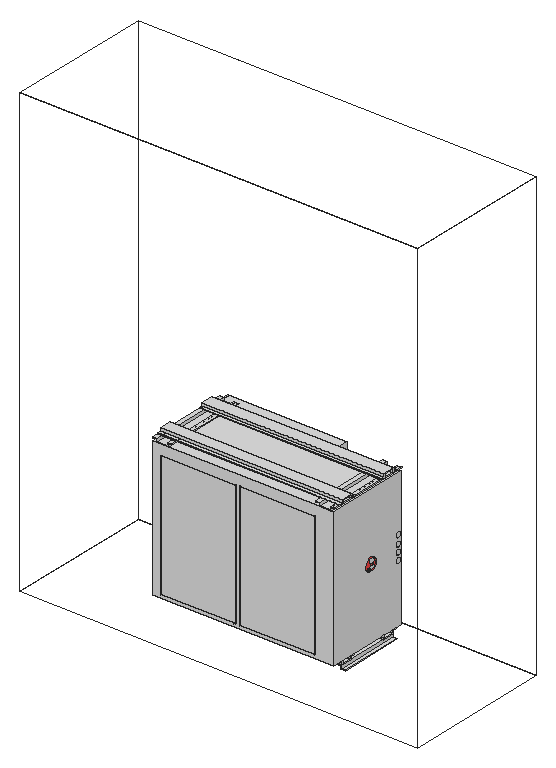
Revit family "HeatPump_AirToWater_Rheem_15kW_Horizontal_LowGWP", category Mechanical Equipment, Revit 2021 (continued)
Definition of nested family "z_Rheem_Logo"
  Automatic sketch dimensions
    Masking region 1 sketch curve to Masking region 1 sketch curve = 4.306 mm
    Masking region 1 sketch curve to plane 1 "Center (Front/Back)" = 5.275 mm
    Masking region 1 sketch curve to Masking region 1 sketch curve = 3.182 mm
    Masking region 1 sketch curve to Masking region 1 sketch curve = 0.011 mm
    Masking region 1 sketch curve to plane 1 "Center (Front/Back)" = 1.6 mm
    Masking region 1 sketch curve to Masking region 1 sketch curve = 4.336 mm
    Masking region 1 sketch curve to plane 1 "Center (Front/Back)" = 5.166 mm
    Masking region 1 sketch curve to Masking region 1 sketch curve = 2.666 mm
    Masking region 1 sketch curve to plane 1 "Center (Front/Back)" = 2.258 mm  (x2)
    Masking region 1 sketch curve to Masking region 1 sketch curve = 0.289 mm
    Masking region 1 sketch curve to Masking region 1 sketch curve = 4.377 mm
    Masking region 1 sketch curve to Masking region 1 sketch curve = 2.943 mm
    Masking region 1 sketch curve to plane 1 "Center (Front/Back)" = 1.414 mm
    Masking region 1 sketch curve to plane 3 "Center (Left/Right)" = 4.051 mm
    Masking region 1 sketch curve to Masking region 1 sketch curve = 0.044 mm
    plane 1 "Center (Front/Back)" to Masking region 1 sketch curve = 3.194 mm
    Masking region 1 sketch curve to plane 3 "Center (Left/Right)" = 7.321 mm
    Masking region 1 sketch curve to Masking region 1 sketch curve = 4.51 mm
    Masking region 1 sketch curve to Masking region 1 sketch curve = 4.142 mm
    Masking region 1 sketch curve to Masking region 1 sketch curve = 2.964 mm
    Masking region 1 sketch curve to Masking region 1 sketch curve = 0.948 mm
    Masking region 1 sketch curve to Masking region 1 sketch curve = 0.321 mm
    Masking region 1 sketch curve to Masking region 1 sketch curve = 1.809 mm
    Masking region 1 sketch curve to Masking region 1 sketch curve = 0.463 mm
    Masking region 1 sketch curve to Masking region 1 sketch curve = 4.721 mm
    plane 6 "Back" to Masking region 1 sketch curve = 6.464 mm
    Masking region 1 sketch curve to plane 3 "Center (Left/Right)" = 16.283 mm
    Masking region 1 sketch curve to Masking region 1 sketch curve = 3.399 mm
    Masking region 1 sketch curve to plane 1 "Center (Front/Back)" = 1.2 mm
    Masking region 1 sketch curve to Masking region 1 sketch curve = 12.536 mm
    plane 4 "Left" to Masking region 1 sketch curve = 11.183 mm
    plane 4 "Left" to Masking region 1 sketch curve = 11.17 mm
    Masking region 1 sketch curve to Masking region 1 sketch curve = 0.548 mm
    Masking region 1 sketch curve to Masking region 1 sketch curve = 1.699 mm
    Masking region 1 sketch curve to Masking region 1 sketch curve = 1.488 mm
    Masking region 1 sketch curve to Masking region 1 sketch curve = 1.692 mm
    Masking region 1 sketch curve to Masking region 1 sketch curve = 14.618 mm
    Masking region 1 sketch curve to Masking region 1 sketch curve = 0.891 mm
    Masking region 1 sketch curve to Masking region 1 sketch curve = 7.301 mm
    Masking region 1 sketch curve to Masking region 1 sketch curve = 1.651 mm
    Masking region 1 sketch curve to plane 1 "Center (Front/Back)" = 5.397 mm
    Masking region 1 sketch curve to plane 1 "Center (Front/Back)" = 3.718 mm
    Masking region 1 sketch curve to plane 1 "Center (Front/Back)" = 3.712 mm
    Masking region 1 sketch curve to plane 1 "Center (Front/Back)" = 3.491 mm
    Masking region 1 sketch curve to Masking region 1 sketch curve = 0.117 mm
    Masking region 1 sketch curve to Masking region 1 sketch curve = 1.392 mm
    Masking region 1 sketch curve to plane 1 "Center (Front/Back)" = 1.806 mm  (x2)
    Masking region 1 sketch curve to plane 1 "Center (Front/Back)" = 1.594 mm
    Masking region 1 sketch curve to Masking region 1 sketch curve = 0.451 mm
    plane 1 "Center (Front/Back)" to Masking region 1 sketch curve = 0.131 mm
    Masking region 1 sketch curve to Masking region 1 sketch curve = 1.719 mm
    Masking region 1 sketch curve to Masking region 1 sketch curve = 0.37 mm
    Masking region 1 sketch curve to Masking region 1 sketch curve = 4.839 mm
    plane 1 "Center (Front/Back)" to Masking region 1 sketch curve = 8.079 mm
    plane 1 "Center (Front/Back)" to Masking region 1 sketch curve = 8.097 mm
    Masking region 1 sketch curve to Masking region 1 sketch curve = 4.468 mm
    Masking region 1 sketch curve to Masking region 1 sketch curve = 16.886 mm
    radius of Extrusion 2 sketch curve = 43 mm
    radius of Masking region 1 sketch curve = 43 mm
Types (2, lengths in mm): name | Type Comments | Model | ManufacturerURLProductSpecific | ManufacturerSpecCode | FanFrame | Description
  Ducted (952015H0) | "HeatPump - AirToWater - 15kW - Horizontal - LowGWP - Ducted" | "952015H0" | "https://www.rheem.com.au/rheem/products/Commercial/Commercial-Heat-Pumps/Rheem-Commercial-Air-To-Water-Heat-Pumps/YF-Series-Air-to-Water-%28A2W%29-15kW-Commercial-Heat-Pump-%E2%80%93-Ducted/p/95201500" | "952015H0" | yes | "Rheem’s YF Series Commercial heat pump uses 1234yf refrigerant which has an ultra-low Global Warming Potential (GWP) of <1. Delivering hot water up to 65°C and operating in ambient temperatures to a low of 0°C with an improved Coefficient of Performance (COP) of up to 4.23 at 20°C ambient. Ducted models are designed with high static fans to enable reject air to be convey from the room. Models are  available in vertical and stackable horizontal discharge options."
  Non Ducted (953015H0) | "HeatPump - AirToWater - 15kW - Horizontal - LowGWP - Non Ducted" | "953015H0" | "https://www.rheem.com.au/rheem/products/Commercial/Commercial-Heat-Pumps/Rheem-Commercial-Air-To-Water-Heat-Pumps/Air-to-Water-%28A2W%29-16kW-Commercial-Heat-Pump--Non-Ducted/p/953016H0" | "953015H0" | no | "Rheem’s YF Series Commercial heat pump uses 1234yf refrigerant which has an ultra-low Global Warming Potential (GWP) of <1. Delivering hot water up to 65°C and operating in ambient temperatures to a low of 0°C with an improved Coefficient of Performance (COP) of up to 4.23 at 20°C ambient. Non ducted models are designed with electronically commutated fans for improved performance and are generally designed for outdoor installation, but may be installed indoors if a sufficient supply of heat energy is available. Models are  available in vertical and stackable horizontal discharge options."
